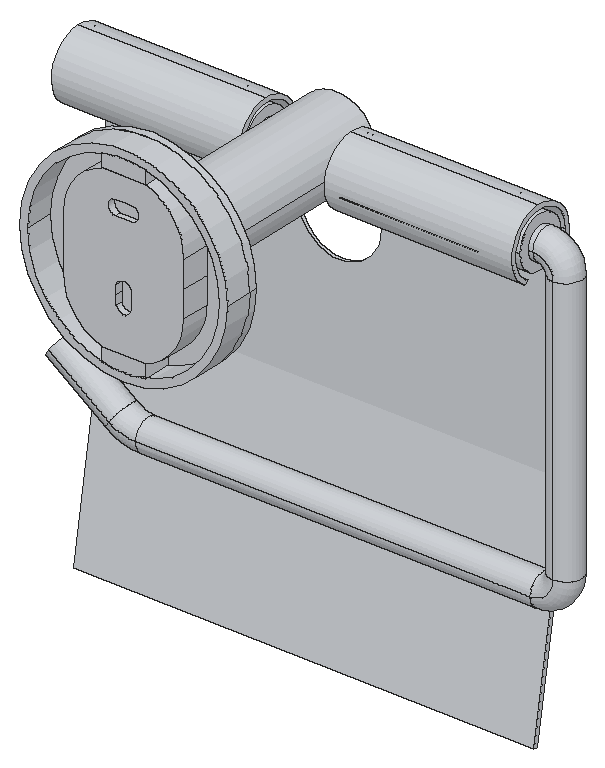
Revit family "AX4541P_0012", category Appareils sanitaires, Revit 2016
Family settings
  Hôte = Mur
  Type d'élément = Normal
  Cote de connecteur circulaire = Utiliser le diamètre
  Numéro OmniClass = 23.75.00.00
  Titre OmniClass = Climate Control (HVAC)
  Toujours verticalement = Oui
  Couper avec des vides une fois chargée = Non
  Partagée = Non
  Point de calcul de pièce = Non
Parameters (values of type "Type 1")
  URL = "https://www.axeuro.com/fr/distributeurs-de-papier-toilette/25395-distributeur-de-papier-toilette-ax4541p.html"
  Type de produit / Type of product = "Distributeur de papier toilette / Toilet tissue dispenser"  # constant formula
  Référence / Reference = "AX4541P, AX4541-MBK"  # constant formula
  Keynote = ""
  Entreprise / Company = "Axeuro"  # constant formula
Reference planes
  plane 1 "Mur": y = 0
  plane 2 "Centre (gauche/droite)": x = 0
  plane 3 "Arrière": y = 75
Forms (mm)
  Extrusion 1, void
    sketch origin (0, 75, 0) x (1, 0, 0) y (0, 0, 1)
      loop
        line (0.015, 1688.029) -> (-2.336, 1688.029)
        arc (-2.336, 1688.029) -> (-3.884, 1686.026) -> (-2.336, 1684.023) r 2.07
        line (-2.336, 1684.023) -> (2.295, 1684.023)
        arc (2.295, 1684.023) -> (3.866, 1686.026) -> (2.295, 1688.029) r 2.062
        line (2.295, 1688.029) -> (0.015, 1688.029)
    from -1.797 to 0
  Extrusion 2, void
    sketch origin (1686.016, 75, 1664.947) x (0.00071, 0, 1) y (-1, 0, 0.00071)
      loop
        line (0.015, 1688.029) -> (-2.336, 1688.029)
        arc (-2.336, 1688.029) -> (-3.884, 1686.026) -> (-2.336, 1684.023) r 2.07
        line (-2.336, 1684.023) -> (2.295, 1684.023)
        arc (2.295, 1684.023) -> (3.866, 1686.026) -> (2.295, 1688.029) r 2.062
        line (2.295, 1688.029) -> (0.015, 1688.029)
    from -1.797 to 0
  Extrusion 3, solid
    sketch origin (0, 75, 0) x (1, 0, 0) y (0, 0, 1)
      loop
        circle (0, 1673.5) r 26.5
      loop
        circle (0, 1673.5) r 24.5
    from -9.099 to 0
  Extrusion 4, solid
    sketch origin (0, 76.057, 0) x (1, 0, 0) y (0, 0, 1)
      loop
        circle (0, 1673.5) r 26.5
    from -8.042 to -6.06
  Extrusion 5, solid
    sketch origin (61.903, 75, 16.821) x (1, 0, 0) y (0, 0, 1)
      loop
        line (-56.634, 1677.179) -> (-62.1, 1677.179) -> (-67.173, 1677.179)
        arc (-67.173, 1677.179) -> (-74.461, 1671.999) -> (-77.254, 1663.505) r 14.314
        line (-77.254, 1663.505) -> (-77.254, 1656.679) -> (-77.254, 1649.852)
        arc (-77.254, 1649.852) -> (-74.461, 1641.358) -> (-67.173, 1636.179) r 14.314
        line (-67.173, 1636.179) -> (-62.1, 1636.179) -> (-56.634, 1636.179)
        arc (-56.634, 1636.179) -> (-49.346, 1641.358) -> (-46.553, 1649.852) r 14.314
        line (-46.553, 1649.852) -> (-46.553, 1656.679) -> (-46.553, 1663.505)
        arc (-46.553, 1663.505) -> (-49.346, 1671.999) -> (-56.634, 1677.179) r 14.314
    from -7.118 to 0
  Extrusion 6, solid
    sketch origin (2.627, 75, -0.893) x (1, 0, 0) y (0, 0, 1)
      loop
        line (2.973, 1694.893) -> (2.973, 1698.245)
        arc (2.973, 1698.245) -> (-2.627, 1698.893) -> (-8.227, 1698.245) r 24.5
        line (-8.227, 1698.245) -> (-8.227, 1694.893) -> (2.973, 1694.893)
    from -7.118 to 0
  Extrusion 7, solid
    sketch origin (2.627, 75, 3347.893) x (1, 0, 0) y (0, 0, 1)
      loop
        line (2.973, -1694.893) -> (-8.227, -1694.893) -> (-8.227, -1698.245)
        arc (-8.227, -1698.245) -> (-2.627, -1698.893) -> (2.973, -1698.245) r 24.5
        line (2.973, -1698.245) -> (2.973, -1694.893)
    from -7.118 to 0
  Extrusion 8, solid
    sketch origin (0, 0, 0) x (1, 0, 0) y (0, 1, 0)
      loop
        circle (0, 79.55) r 2.25
    from 1646.852 to 1648
  Extrusion 9, void
    sketch origin (0, 0, 0) x (1, 0, 0) y (0, 1, 0)
      loop
        line (0.759, 80.865) -> (-0.759, 80.865) -> (-1.519, 79.55) -> (-0.759, 78.234) -> (0.759, 78.234) -> (1.519, 79.55) -> (0.759, 80.865)
    from 1646.852 to 1648
  Extrusion 10, solid
    sketch origin (0, 75, 0) x (1, 0, 0) y (0, 0, 1)
      loop
        circle (0, 1673.5) r 10
    from -67.756 to -9.099
  Sweep 11, solid
    path origin (0, 134.369, 51.648) x (1, 0, 0) y (0, 0, 1)
      loop
        line (-58.673, 1621.852) -> (60.086, 1621.852)
        arc (60.086, 1621.852) -> (63.69, 1620.359) -> (65.183, 1616.755) r 5.098
        line (65.183, 1616.755) -> (65.183, 1548.6)
        arc (65.183, 1548.6) -> (63.47, 1544.463) -> (59.333, 1542.75) r 5.85
        line (59.333, 1542.75) -> (-41.204, 1542.75)
        arc (-41.204, 1542.75) -> (-44.816, 1543.322) -> (-48.075, 1544.984) r 11.684
        line (-48.075, 1544.984) -> (-63.329, 1556.076)
    profile origin (0.706, 134.369, 1673.5) x (0, 0, 1) y (0, -1, 0)
      loop
        circle (0, 0) r 4
  Extrusion 12, solid
    sketch origin (11.069, -31.259, 0) x (0, 1, 0) y (0, 0, 1)
      loop
        circle (165.628, 1673.5) r 6.45
    from 0 to 47.604
  Extrusion 13, solid
    sketch origin (-11.069, -31.259, 0) x (0, 1, 0) y (0, 0, -1)
      loop
        circle (165.628, -1673.5) r 6.45
    from 0 to 47.604
  Extrusion 14, solid
    sketch origin (0, 0, 0) x (0, 1, 0) y (0, 0, 1)
      loop
        line (129.612, 1665.817) -> (130.344, 1666.549)
        arc (130.344, 1666.549) -> (126.549, 1675.139) -> (133.796, 1681.112) r 7.771
        arc (133.796, 1681.112) -> (139.88, 1678.851) -> (142.541, 1672.93) r 8.407
        arc (142.541, 1672.93) -> (142.42, 1615.371) -> (132.289, 1558.711) r 329.665
        line (132.289, 1558.711) -> (133.256, 1558.456)
        arc (133.256, 1558.456) -> (143.415, 1615.271) -> (143.54, 1672.986) r 330.665
        arc (143.54, 1672.986) -> (140.553, 1679.591) -> (133.755, 1682.111) r 9.407
        arc (133.755, 1682.111) -> (125.61, 1675.508) -> (129.612, 1665.817) r 8.771
    from -58.673 to 58.673
  Extrusion 15, void
    sketch origin (95.875, 75, 0) x (1, 0, 0) y (0, 0, 1)
      loop
        line (-84.994, 1688.029) -> (-106.755, 1688.029) -> (-106.755, 1655.488)
        arc (-106.755, 1655.488) -> (-95.875, 1644.607) -> (-84.994, 1655.488) r 10.881
        line (-84.994, 1655.488) -> (-84.994, 1688.029)
    from -77.859 to -47.118
Cuts and joins
  joined: Extrusion 3, Extrusion 4
  Extrusion 1, Extrusion 2 cuts Extrusion 5
  Extrusion 9 cuts Extrusion 8
  Extrusion 15 cuts Extrusion 14
Text (mm)
  text "Côté de la mise en place" at (-1820.995, 1116.779, 0), in view "Niveau de réf."
  text "Côté de la mise en place" at (0, 1334.055, 2976.191), in view "Gauche"
  text "Côté de la mise en place" at (0, 439.194, 2944.362), in view "Droite"
Dimensions and locks
  locked: plane 3 "Arrière" to host wall
  aligned and locked: plane 1 "Mur" to host wall
